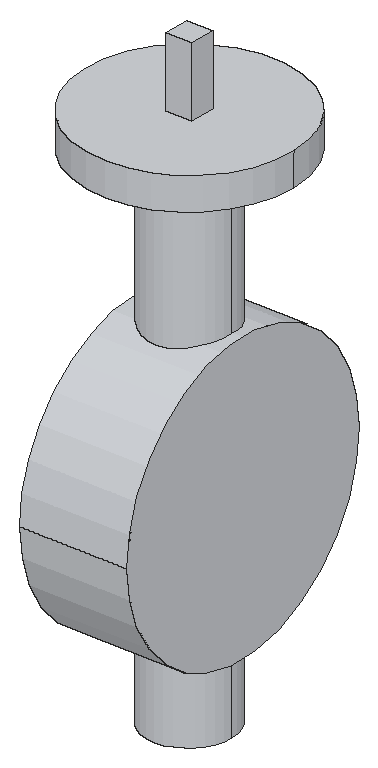
Revit family "HS497-67_disk-litina-volné vřeteno DN080-RFA_2018", category Pipe Accessories, Revit 2018
Family settings
  Round Connector Dimension = Use Diameter
  Part Type = Valve - Breaks Into
  Work Plane-Based = No
  Always vertical = Yes
  Cut with Voids When Loaded = No
  Shared = No
Parameters (values of type "HS 497-67_DN080_PN16_volné vřeteno")
  magiProductId = "9e85c75c18654e1185a9c48ed6b00e"
  magiProductFamilyId = "53cea81e6f374d17b8841d9c72ad77"
  magiPartTypeId = 305
  isMeasuringValve [instance] = no
  ang2D [instance] = 0.00°
  X11 = 61.456 mm
  X1 = 25.456 mm
  W2D = 1000 mm
  VersionID = "2.0/2017.9.26.1/ZETKAMA_497_001"
  Use Minimum Symbol Size [instance] = yes
  URL = "http://www.hydronic.cz"
  Type Comments = "mezipřírubová; litinový disk; PN16; -10~+110°C (krátkodobě +120°C)"
  SW30 = no
  SW3 = no
  SW21 = no
  SW20 = no
  SW2 = no
  SW1 = yes
  R = 40 mm
  QmdConnectorList = "301;D;302;D"
  Productdata [instance] = ""
  NC = 50 mm
  Model = ""
  Manufacturer = "Hydronic Systems Prague s.r.o."
  MM20 = 25.456 mm
  MC Product Code = "123 080 (litinový disk, s volným vřetenem; DN80; PN16, kvs258)"
  M41 = 66 mm
  M4 = 44 mm
  LHL = 220 mm
  LHH3 = 2.45 mm
  LHH1 = 46.55 mm
  LH1 = 73.333 mm
  L4R__ve = -L4R  # -12.8 mm
  L4R = 12.8 mm
  L42__ve = -L42  # -96 mm
  L42 = 96 mm
  L41__ve = -L41  # -19.2 mm
  L41 = 19.2 mm
  L2D_Min = 3048 mm
  L2D = 216 mm
  L2 = 23 mm
  L1 = 36.8 mm
  L = 46 mm
  H = 30 mm
  G22 = 11.25 mm
  G2 = 22.5 mm
  G1 = 90 mm
  G = 90 mm
  F = 11 mm
  E44 = 31.25 mm
  E42 = 62.5 mm
  E4 = 125 mm
  E23 = 4.9 mm
  E22 = 19.6 mm
  E21 = 9.8 mm
  Description = "Mezipřírubová uzavírací klapka s volným vřetenem; litinový disk, DN80; PN16; kvs258"
  DR2 = 40 mm
  DR = 124 mm
  DD1 = 15.625 mm
  DD = 12.5 mm
  D = 80 mm
  CAT0 = yes
  B2__ve = -B2  # -54 mm
  B2 = 54 mm
  A2 = 14.1 mm
  A1 = 86.9 mm
Types (43, lengths in mm): name | magiProductId | X11 | X1 | Type Comments | SW30 | SW3 | SW20 | SW2 | SW1 | R | NC | MM20 | MC Product Code | M41 | M4 | LHL | LHH3 | LHH1 | LH1 | L4R__ve | L4R | L42__ve | L42 | L41__ve | L41 | L2 | L1 | L | H | G | F | E44 | E42 | E4 | E23 | E22 | E21 | Description | DR2 | DR | DD1 | DD | D | B2__ve | B2 | A2 | A1
  HS 497-67_DN100_PN16_volné vřeteno | "65d1b245f4f142c78569c0602d5754" | 61.456 | 25.456 | "mezipřírubová; litinový disk; PN16; -10~+110°C (krátkodobě +120°C)" | no | no | no | no | yes | 50 | 50 | 25.456 | "123 100 (litinový disk, s volným vřetenem; DN100; PN16, kvs512)" | 66 | 44 | 220 | 2.45 | 46.55 | 73.333 | -12.8 | 12.8 | -96 | 96 | -19.2 | 19.2 | 26 | 41.6 | 52 | 30 | 90 | 11 | 31.25 | 62.5 | 125 | 4.9 | 19.6 | 9.8 | "Mezipřírubová uzavírací klapka s volným vřetenem; litinový disk, DN100; PN16; kvs512" | 50 | 147 | 15.625 | 12.5 | 100 | -56 | 56 | 16.5 | 98.5
  HS 497-67_DN100_PN16_převodové kolo | "11e91b807e674d428c8e796fcdcfe2" | 61.456 | 25.456 | "mezipřírubová; litinový disk; PN16; -10~+110°C (krátkodobě +120°C)" | yes | yes | no | no | no | 50 | 50 | 25.456 | "125 100 (litinový disk, s převodovým kolem; DN100; PN16, kvs512)" | 65.25 | 43.5 | 220 | 2.45 | 46.55 | 73.333 | -12.8 | 12.8 | -96 | 96 | -19.2 | 19.2 | 26 | 41.6 | 52 | 30 | 90 | 11 | 31.25 | 62.5 | 125 | 4.9 | 19.6 | 9.8 | "Mezipřírubová uzavírací klapka s převodovým kolem; litinový disk, DN100; PN16; kvs512" | 50 | 147 | 15.625 | 12.5 | 100 | -56 | 56 | 16.5 | 98.5
  HS 497-67_DN100_PN16_s pákou | "28172f0b3f4b47b28323ac71cf8749" | 61.456 | 25.456 | "mezipřírubová; litinový disk; PN16; -10~+110°C (krátkodobě +120°C)" | no | no | yes | yes | no | 50 | 50 | 25.456 | "120 100 (litinový disk, s pákou; DN100; PN16, kvs512)" | 66 | 44 | 260 | 3 | 57 | 86.667 | -12.8 | 12.8 | -96 | 96 | -19.2 | 19.2 | 26 | 41.6 | 52 | 30 | 90 | 11 | 31.25 | 62.5 | 125 | 6 | 24 | 12 | "Mezipřírubová uzavírací klapka s pákou; litinový disk, DN100; PN16; kvs512" | 50 | 147 | 15.625 | 12.5 | 100 | -56 | 56 | 16.5 | 98.5
  HS 497-67_DN125_PN16_volné vřeteno | "0d813d910fc14f628bb3c2efbd185c" | 61.456 | 25.456 | "mezipřírubová; litinový disk; PN16; -10~+110°C (krátkodobě +120°C)" | no | no | no | no | yes | 62.5 | 50 | 25.456 | "123 125 (litinový disk, s volným vřetenem; DN125; PN16, kvs872)" | 66 | 44 | 220 | 2.45 | 46.55 | 73.333 | -12.8 | 12.8 | -96 | 96 | -19.2 | 19.2 | 28 | 44.8 | 56 | 33 | 90 | 14 | 31.25 | 62.5 | 125 | 4.9 | 19.6 | 9.8 | "Mezipřírubová uzavírací klapka s volným vřetenem; litinový disk, DN125; PN16; kvs872" | 62.5 | 180 | 15.625 | 12.5 | 125 | -64 | 64 | 18 | 99.5
  HS 497-67_DN125_PN16_převodové kolo | "c56b7c13f372467684996fb1e0e229" | 61.456 | 25.456 | "mezipřírubová; litinový disk; PN16; -10~+110°C (krátkodobě +120°C)" | yes | yes | no | no | no | 62.5 | 50 | 25.456 | "125 125 (litinový disk, s převodovým kolem; DN125; PN16, kvs872)" | 65.25 | 43.5 | 220 | 2.45 | 46.55 | 73.333 | -13.5 | 13.5 | -101.25 | 101.25 | -20.25 | 20.25 | 28 | 44.8 | 56 | 33 | 90 | 14 | 40 | 80 | 160 | 4.9 | 19.6 | 9.8 | "Mezipřírubová uzavírací klapka s převodovým kolem; litinový disk, DN125; PN16; kvs872" | 62.5 | 180 | 20 | 16 | 125 | -64 | 64 | 18 | 99.5
  HS 497-67_DN125_PN16_s pákou | "105993c79a91492399feef7931321a" | 61.456 | 25.456 | "mezipřírubová; litinový disk; PN16; -10~+110°C (krátkodobě +120°C)" | no | no | yes | yes | no | 62.5 | 50 | 25.456 | "120 125 (litinový disk, s pákou; DN125; PN16, kvs872)" | 66 | 44 | 315 | 3.75 | 71.25 | 105 | -12.8 | 12.8 | -96 | 96 | -19.2 | 19.2 | 28 | 44.8 | 56 | 33 | 90 | 14 | 31.25 | 62.5 | 125 | 7.5 | 30 | 15 | "Mezipřírubová uzavírací klapka s pákou; litinový disk, DN125; PN16; kvs872" | 62.5 | 180 | 15.625 | 12.5 | 125 | -64 | 64 | 18 | 99.5
  HS 497-67_DN150_PN16_volné vřeteno | "50c80cb8ab434f55ab7796e5ac1331" | 61.456 | 25.456 | "mezipřírubová; litinový disk; PN16; -10~+110°C (krátkodobě +120°C)" | no | no | no | no | yes | 75 | 50 | 25.456 | "123 150 (litinový disk, s volným vřetenem; DN150; PN16, kvs1347)" | 66 | 44 | 220 | 2.45 | 46.55 | 73.333 | -12.8 | 12.8 | -96 | 96 | -19.2 | 19.2 | 28 | 44.8 | 56 | 33 | 90 | 14 | 31.25 | 62.5 | 125 | 4.9 | 19.6 | 9.8 | "Mezipřírubová uzavírací klapka s volným vřetenem; litinový disk, DN150; PN16; kvs1347" | 75 | 206 | 15.625 | 12.5 | 150 | -58 | 58 | 19.3 | 98.7
  HS 497-67_DN150_PN16_převodové kolo | "d94a1a0cf83b476eb10011b327f709" | 61.456 | 25.456 | "mezipřírubová; litinový disk; PN16; -10~+110°C (krátkodobě +120°C)" | yes | yes | no | no | no | 75 | 50 | 25.456 | "125 150 (litinový disk, s převodovým kolem; DN150; PN16, kvs1347)" | 65.25 | 43.5 | 220 | 2.45 | 46.55 | 73.333 | -13.5 | 13.5 | -101.25 | 101.25 | -20.25 | 20.25 | 28 | 44.8 | 56 | 33 | 90 | 14 | 40 | 80 | 160 | 4.9 | 19.6 | 9.8 | "Mezipřírubová uzavírací klapka s převodovým kolem; litinový disk, DN150; PN16; kvs1347" | 75 | 206 | 20 | 16 | 150 | -58 | 58 | 19.3 | 98.7
  HS 497-67_DN150_PN16_s pákou | "4d2835523fe84828bc50ff0a5a0dfb" | 61.456 | 25.456 | "mezipřírubová; litinový disk; PN16; -10~+110°C (krátkodobě +120°C)" | no | no | yes | yes | no | 75 | 50 | 25.456 | "120 150 (litinový disk, s pákou; DN150; PN16, kvs1347)" | 66 | 44 | 315 | 3.75 | 71.25 | 105 | -12.8 | 12.8 | -96 | 96 | -19.2 | 19.2 | 28 | 44.8 | 56 | 33 | 90 | 14 | 31.25 | 62.5 | 125 | 7.5 | 30 | 15 | "Mezipřírubová uzavírací klapka s pákou; litinový disk, DN150; PN16; kvs1347" | 75 | 206 | 15.625 | 12.5 | 150 | -58 | 58 | 19.3 | 98.7
  HS 497-67_DN200_PN16_volné vřeteno | "5b29029eaeba47139ee1055a4b9201" | 61.456 | 25.456 | "mezipřírubová; litinový disk; PN16; -10~+110°C (krátkodobě +120°C)" | no | no | no | no | yes | 100 | 50 | 25.456 | "123 200 (litinový disk, s volným vřetenem; DN200; PN16, kvs2675)" | 66 | 44 | 220 | 2.45 | 46.55 | 73.333 | -12.8 | 12.8 | -96 | 96 | -19.2 | 19.2 | 30 | 48 | 60 | 33 | 90 | 17 | 31.25 | 62.5 | 125 | 4.9 | 19.6 | 9.8 | "Mezipřírubová uzavírací klapka s volným vřetenem; litinový disk, DN200; PN16; kvs2675" | 100 | 257 | 15.625 | 12.5 | 200 | -70 | 70 | 22.5 | 102.5
  HS 497-67_DN200_PN16_převodové kolo | "b2793cc1fcc44cf2a35062cd67c04f" | 61.456 | 25.456 | "mezipřírubová; litinový disk; PN16; -10~+110°C (krátkodobě +120°C)" | yes | yes | no | no | no | 100 | 57 | 25.456 | "125 200 (litinový disk, s převodovým kolem; DN200; PN16, kvs2675)" | 78.75 | 52.5 | 220 | 2.45 | 46.55 | 73.333 | -15.2 | 15.2 | -114 | 114 | -22.8 | 22.8 | 30 | 48 | 60 | 33 | 90 | 17 | 50 | 100 | 200 | 4.9 | 19.6 | 9.8 | "Mezipřírubová uzavírací klapka s převodovým kolem; litinový disk, DN200; PN16; kvs2675" | 100 | 257 | 25 | 20 | 200 | -70 | 70 | 22.5 | 102.5
  HS 497-67_DN200_PN16_s pákou | "f88d96c7af224537a51e72d7d8fffe" | 61.456 | 25.456 | "mezipřírubová; litinový disk; PN16; -10~+110°C (krátkodobě +120°C)" | no | no | yes | yes | no | 100 | 50 | 25.456 | "120 200 (litinový disk, s pákou; DN200; PN16, kvs2675)" | 66 | 44 | 315 | 3.75 | 71.25 | 105 | -12.8 | 12.8 | -96 | 96 | -19.2 | 19.2 | 30 | 48 | 60 | 33 | 90 | 17 | 31.25 | 62.5 | 125 | 7.5 | 30 | 15 | "Mezipřírubová uzavírací klapka s pákou; litinový disk, DN200; PN16; kvs2675" | 100 | 257 | 15.625 | 12.5 | 200 | -70 | 70 | 22.5 | 102.5
  HS 497-67_DN250_PN16_volné vřeteno | "b662e8305ca2402b9c510e66e6aa55" | 88.77 | 36.77 | "mezipřírubová; litinový disk; PN16; -10~+110°C (krátkodobě +120°C)" | no | no | no | no | yes | 125 | 50 | 36.77 | "123 250 (litinový disk, s volným vřetenem; DN250; PN16, kvs4555)" | 66 | 44 | 220 | 2.45 | 46.55 | 73.333 | -12.8 | 12.8 | -96 | 96 | -19.2 | 19.2 | 34 | 54.4 | 68 | 23 | 130 | 22 | 31.25 | 62.5 | 125 | 4.9 | 19.6 | 9.8 | "Mezipřírubová uzavírací klapka s volným vřetenem; litinový disk, DN250; PN16; kvs4555" | 125 | 324 | 15.625 | 12.5 | 250 | -85 | 85 | 28.25 | 129.25
  HS 497-67_DN250_PN16_převodové kolo | "5ee9016806664ddfaa2632711f295c" | 88.77 | 36.77 | "mezipřírubová; litinový disk; PN16; -10~+110°C (krátkodobě +120°C)" | yes | yes | no | no | no | 125 | 70 | 36.77 | "125 250 (litinový disk, s převodovým kolem; DN250; PN16, kvs4555)" | 91.5 | 61 | 220 | 2.45 | 46.55 | 73.333 | -22.2 | 22.2 | -166.5 | 166.5 | -33.3 | 33.3 | 34 | 54.4 | 68 | 23 | 130 | 22 | 62.5 | 125 | 250 | 4.9 | 19.6 | 9.8 | "Mezipřírubová uzavírací klapka s převodovým kolem; litinový disk, DN250; PN16; kvs4555" | 125 | 324 | 31.25 | 25 | 250 | -85 | 85 | 28.25 | 129.25
  HS 497-67_DN300_PN16_volné vřeteno | "e1886f51ff004380a649519258edf2" | 88.77 | 36.77 | "mezipřírubová; litinový disk; PN16; -10~+110°C (krátkodobě +120°C)" | no | no | no | no | yes | 150 | 50 | 36.77 | "123 300 (litinový disk, s volným vřetenem; DN300; PN16, kvs7037)" | 66 | 44 | 220 | 2.45 | 46.55 | 73.333 | -12.8 | 12.8 | -96 | 96 | -19.2 | 19.2 | 39 | 62.4 | 78 | 23 | 130 | 22 | 31.25 | 62.5 | 125 | 4.9 | 19.6 | 9.8 | "Mezipřírubová uzavírací klapka s volným vřetenem; litinový disk, DN300; PN16; kvs7037" | 150 | 376 | 15.625 | 12.5 | 300 | -90 | 90 | 30.8 | 127.2
  HS 497-67_DN300_PN16_převodové kolo | "6860f094f77d42088fbebc3c97f755" | 88.77 | 36.77 | "mezipřírubová; litinový disk; PN16; -10~+110°C (krátkodobě +120°C)" | yes | yes | no | no | no | 150 | 70 | 36.77 | "125 300 (litinový disk, s převodovým kolem; DN300; PN16, kvs7037)" | 91.5 | 61 | 220 | 2.45 | 46.55 | 73.333 | -22.2 | 22.2 | -166.5 | 166.5 | -33.3 | 33.3 | 39 | 62.4 | 78 | 23 | 130 | 22 | 62.5 | 125 | 250 | 4.9 | 19.6 | 9.8 | "Mezipřírubová uzavírací klapka s převodovým kolem; litinový disk, DN300; PN16; kvs7037" | 150 | 376 | 31.25 | 25 | 300 | -90 | 90 | 30.8 | 127.2
  HS 497-67_DN032_PN16_volné vřeteno | "8c5f65de52aa4067a77564107e31b2" | 61.456 | 25.456 | "mezipřírubová; litinový disk; PN16; -10~+110°C (krátkodobě +120°C)" | no | no | no | no | yes | 16 | 50 | 25.456 | "123 032 (litinový disk, s volným vřetenem; DN32; PN16, kvs78)" | 66 | 44 | 220 | 2.45 | 46.55 | 73.333 | -12.8 | 12.8 | -96 | 96 | -19.2 | 19.2 | 16.5 | 26.4 | 33 | 30 | 90 | 11 | 31.25 | 62.5 | 125 | 4.9 | 19.6 | 9.8 | "Mezipřírubová uzavírací klapka s volným vřetenem; litinový disk, DN32; PN16; kvs78" | 16 | 68 | 15.625 | 12.5 | 32 | -44.2 | 44.2 | 10.25 | 76.25
  HS 497-67_DN032_PN16_převodové kolo | "60aaeffa8b3a4e809ef000e4660060" | 61.456 | 25.456 | "mezipřírubová; litinový disk; PN16; -10~+110°C (krátkodobě +120°C)" | yes | yes | no | no | no | 16 | 50 | 25.456 | "125 032 (litinový disk, s převodovým kolem; DN32; PN16, kvs78)" | 65.25 | 43.5 | 220 | 2.45 | 46.55 | 73.333 | -12.8 | 12.8 | -96 | 96 | -19.2 | 19.2 | 16.5 | 26.4 | 33 | 30 | 90 | 11 | 31.25 | 62.5 | 125 | 4.9 | 19.6 | 9.8 | "Mezipřírubová uzavírací klapka s převodovým kolem; litinový disk, DN32; PN16; kvs78" | 16 | 68 | 15.625 | 12.5 | 32 | -44.2 | 44.2 | 10.25 | 76.25
  HS 497-67_DN032_PN16_s pákou | "9ad8088d610749a1b871aa2aad8007" | 61.456 | 25.456 | "mezipřírubová; litinový disk; PN16; -10~+110°C (krátkodobě +120°C)" | no | no | yes | yes | no | 16 | 50 | 25.456 | "120 032 (litinový disk, s pákou; DN32; PN16, kvs78)" | 66 | 44 | 220 | 2.45 | 46.55 | 73.333 | -12.8 | 12.8 | -96 | 96 | -19.2 | 19.2 | 16.5 | 26.4 | 33 | 30 | 90 | 11 | 31.25 | 62.5 | 125 | 4.9 | 19.6 | 9.8 | "Mezipřírubová uzavírací klapka s pákou; litinový disk, DN32; PN16; kvs78" | 16 | 68 | 15.625 | 12.5 | 32 | -44.2 | 44.2 | 10.25 | 76.25
  HS 497-67_DN350_PN10_volné vřeteno | "72a1e05f22944421b7e9596a877137" | 109.255 | 45.255 | "mezipřírubová; litinový disk; PN10; -10~+110°C (krátkodobě +120°C)" | no | no | no | no | yes | 175 | 50 | 45.255 | "123 350 (litinový disk, s volným vřetenem; DN350; PN10, kvs10165)" | 66 | 44 | 220 | 2.45 | 46.55 | 73.333 | -12.8 | 12.8 | -96 | 96 | -19.2 | 19.2 | 39 | 62.4 | 78 | 31 | 160 | 22 | 31.25 | 62.5 | 125 | 4.9 | 19.6 | 9.8 | "Mezipřírubová uzavírací klapka s volným vřetenem; litinový disk, DN350; PN10; kvs10165" | 175 | 430 | 15.625 | 12.5 | 350 | -88 | 88 | 33.85 | 129.65
  HS 497-67_DN350_PN10_převodové kolo | "a5a01426cb28494ba3afca92f1dace" | 109.255 | 45.255 | "mezipřírubová; litinový disk; PN10; -10~+110°C (krátkodobě +120°C)" | yes | yes | no | no | no | 175 | 70 | 45.255 | "125 350 (litinový disk, s převodovým kolem; DN350; PN10, kvs10165)" | 91.5 | 61 | 220 | 2.45 | 46.55 | 73.333 | -22.2 | 22.2 | -166.5 | 166.5 | -33.3 | 33.3 | 39 | 62.4 | 78 | 31 | 160 | 22 | 62.5 | 125 | 250 | 4.9 | 19.6 | 9.8 | "Mezipřírubová uzavírací klapka s převodovým kolem; litinový disk, DN350; PN10; kvs10165" | 175 | 430 | 31.25 | 25 | 350 | -88 | 88 | 33.85 | 129.65
  HS 497-67_DN400_PN10_volné vřeteno | "c70ebeb927c04ab99b176e257ad0a7" | 109.255 | 45.255 | "mezipřírubová; litinový disk; PN10; -10~+110°C (krátkodobě +120°C)" | no | no | no | no | yes | 200 | 50 | 45.255 | "123 400 (litinový disk, s volným vřetenem; DN400; PN10, kvs13799)" | 66 | 44 | 220 | 2.45 | 46.55 | 73.333 | -12.8 | 12.8 | -96 | 96 | -19.2 | 19.2 | 51 | 81.6 | 102 | 31 | 160 | 27 | 31.25 | 62.5 | 125 | 4.9 | 19.6 | 9.8 | "Mezipřírubová uzavírací klapka s volným vřetenem; litinový disk, DN400; PN10; kvs13799" | 200 | 485 | 15.625 | 12.5 | 400 | -108 | 108 | 38 | 142
  HS 497-67_DN400_PN10_převodové kolo | "cc64a4384dcb41b780d81810f4f293" | 109.255 | 45.255 | "mezipřírubová; litinový disk; PN10; -10~+110°C (krátkodobě +120°C)" | yes | yes | no | no | no | 200 | 72.5 | 45.255 | "125 400 (litinový disk, s převodovým kolem; DN400; PN10, kvs13799)" | 103.5 | 69 | 220 | 2.45 | 46.55 | 73.333 | -27.8 | 27.8 | -208.5 | 208.5 | -41.7 | 41.7 | 51 | 81.6 | 102 | 31 | 160 | 27 | 75 | 150 | 300 | 4.9 | 19.6 | 9.8 | "Mezipřírubová uzavírací klapka s převodovým kolem; litinový disk, DN400; PN10; kvs13799" | 200 | 485 | 37.5 | 30 | 400 | -108 | 108 | 38 | 142
  HS 497-67_DN040_PN16_volné vřeteno | "35f92312390745e88df5b5c325d9ee" | 61.456 | 25.456 | "mezipřírubová; litinový disk; PN16; -10~+110°C (krátkodobě +120°C)" | no | no | no | no | yes | 20 | 50 | 25.456 | "123 040 (litinový disk, s volným vřetenem; DN40; PN16, kvs78)" | 66 | 44 | 220 | 2.45 | 46.55 | 73.333 | -12.8 | 12.8 | -96 | 96 | -19.2 | 19.2 | 16.5 | 26.4 | 33 | 30 | 90 | 11 | 31.25 | 62.5 | 125 | 4.9 | 19.6 | 9.8 | "Mezipřírubová uzavírací klapka s volným vřetenem; litinový disk, DN40; PN16; kvs78" | 20 | 76 | 15.625 | 12.5 | 40 | -36 | 36 | 11 | 79
  HS 497-67_DN040_PN16_převodové kolo | "d88e968eae3445bc9b7b4e6ff35127" | 61.456 | 25.456 | "mezipřírubová; litinový disk; PN16; -10~+110°C (krátkodobě +120°C)" | yes | yes | no | no | no | 20 | 50 | 25.456 | "125 040 (litinový disk, s převodovým kolem; DN40; PN16, kvs78)" | 65.25 | 43.5 | 220 | 2.45 | 46.55 | 73.333 | -12.8 | 12.8 | -96 | 96 | -19.2 | 19.2 | 16.5 | 26.4 | 33 | 30 | 90 | 11 | 31.25 | 62.5 | 125 | 4.9 | 19.6 | 9.8 | "Mezipřírubová uzavírací klapka s převodovým kolem; litinový disk, DN40; PN16; kvs78" | 20 | 76 | 15.625 | 12.5 | 40 | -36 | 36 | 11 | 79
  HS 497-67_DN040_PN16_s pákou | "c1b522ca65b4407a98818f232eaacb" | 61.456 | 25.456 | "mezipřírubová; litinový disk; PN16; -10~+110°C (krátkodobě +120°C)" | no | no | yes | yes | no | 20 | 50 | 25.456 | "120 040 (litinový disk, s pákou; DN40; PN16, kvs78)" | 66 | 44 | 220 | 2.45 | 46.55 | 73.333 | -12.8 | 12.8 | -96 | 96 | -19.2 | 19.2 | 16.5 | 26.4 | 33 | 30 | 90 | 11 | 31.25 | 62.5 | 125 | 4.9 | 19.6 | 9.8 | "Mezipřírubová uzavírací klapka s pákou; litinový disk, DN40; PN16; kvs78" | 20 | 76 | 15.625 | 12.5 | 40 | -36 | 36 | 11 | 79
  HS 497-67_DN450_PN10_volné vřeteno | "a8358bc282f14872b3194e530e590a" | 129.74 | 53.74 | "mezipřírubová; litinový disk; PN10; -10~+110°C (krátkodobě +120°C)" | no | no | no | no | yes | 225 | 50 | 53.74 | "123 450 (litinový disk, s volným vřetenem; DN450; PN10, kvs18514)" | 66 | 44 | 220 | 2.45 | 46.55 | 73.333 | -12.8 | 12.8 | -96 | 96 | -19.2 | 19.2 | 57 | 91.2 | 114 | 38 | 190 | 36 | 31.25 | 62.5 | 125 | 4.9 | 19.6 | 9.8 | "Mezipřírubová uzavírací klapka s volným vřetenem; litinový disk, DN450; PN10; kvs18514" | 225 | 536 | 15.625 | 12.5 | 450 | -115 | 115 | 38.05 | 117.45
  HS 497-67_DN450_PN10_převodové kolo | "cdf2d80f54a9414f9cbe50647c0ebd" | 129.74 | 53.74 | "mezipřírubová; litinový disk; PN10; -10~+110°C (krátkodobě +120°C)" | yes | yes | no | no | no | 225 | 91.5 | 53.74 | "125 450 (litinový disk, s převodovým kolem; DN450; PN10, kvs18514)" | 144.75 | 96.5 | 220 | 2.45 | 46.55 | 73.333 | -32.1 | 32.1 | -240.75 | 240.75 | -48.15 | 48.15 | 57 | 91.2 | 114 | 38 | 190 | 36 | 100 | 200 | 400 | 4.9 | 19.6 | 9.8 | "Mezipřírubová uzavírací klapka s převodovým kolem; litinový disk, DN450; PN10; kvs18514" | 225 | 536 | 50 | 40 | 450 | -115 | 115 | 38.05 | 117.45
  HS 497-67_DN500_PN10_volné vřeteno | "8c396e27bb2743f98f3c762b6517cd" | 143.397 | 59.397 | "mezipřírubová; litinový disk; PN10; -10~+110°C (krátkodobě +120°C)" | no | no | no | no | yes | 250 | 50 | 59.397 | "123 500 (litinový disk, s volným vřetenem; DN500; PN10, kvs23805)" | 66 | 44 | 220 | 2.45 | 46.55 | 73.333 | -12.8 | 12.8 | -96 | 96 | -19.2 | 19.2 | 63.5 | 101.6 | 127 | 38 | 210 | 36 | 31.25 | 62.5 | 125 | 4.9 | 19.6 | 9.8 | "Mezipřírubová uzavírací klapka s volným vřetenem; litinový disk, DN500; PN10; kvs23805" | 250 | 593 | 15.625 | 12.5 | 500 | -130 | 130 | 43.25 | 139.25
  HS 497-67_DN500_PN10_převodové kolo | "7647804f32e94cef828a7034a91a46" | 143.397 | 59.397 | "mezipřírubová; litinový disk; PN10; -10~+110°C (krátkodobě +120°C)" | yes | yes | no | no | no | 250 | 91.5 | 59.397 | "125 500 (litinový disk, s převodovým kolem; DN500; PN10, kvs23805)" | 144.75 | 96.5 | 220 | 2.45 | 46.55 | 73.333 | -32.1 | 32.1 | -240.75 | 240.75 | -48.15 | 48.15 | 63.5 | 101.6 | 127 | 38 | 210 | 36 | 100 | 200 | 400 | 4.9 | 19.6 | 9.8 | "Mezipřírubová uzavírací klapka s převodovým kolem; litinový disk, DN500; PN10; kvs23805" | 250 | 593 | 50 | 40 | 500 | -130 | 130 | 43.25 | 139.25
  HS 497-67_DN050_volné vřeteno | "d71f296ecd6d4adf8f6e5d9853b4e0" | 61.456 | 25.456 | "mezipřírubová; litinový disk; PN16; -10~+110°C (krátkodobě +120°C)" | no | no | no | no | yes | 25 | 50 | 25.456 | "123 050 (litinový disk, s volným vřetenem; DN50; PN16, kvs98)" | 66 | 44 | 220 | 2.45 | 46.55 | 73.333 | -12.8 | 12.8 | -96 | 96 | -19.2 | 19.2 | 21.5 | 34.4 | 43 | 30 | 90 | 11 | 31.25 | 62.5 | 125 | 4.9 | 19.6 | 9.8 | "Mezipřírubová uzavírací klapka s volným vřetenem; litinový disk, DN50; PN16; kvs98" | 25 | 100 | 15.625 | 12.5 | 50 | -36.5 | 36.5 | 12 | 83
  HS 497-67_DN050_PN16_převodové kolo | "2fb080deeaed49c58418b94c1da5a4" | 61.456 | 25.456 | "mezipřírubová; litinový disk; PN16; -10~+110°C (krátkodobě +120°C)" | yes | yes | no | no | no | 25 | 50 | 25.456 | "125 050 (litinový disk, s převodovým kolem; DN50; PN16, kvs98)" | 65.25 | 43.5 | 220 | 2.45 | 46.55 | 73.333 | -12.8 | 12.8 | -96 | 96 | -19.2 | 19.2 | 21.5 | 34.4 | 43 | 30 | 90 | 11 | 31.25 | 62.5 | 125 | 4.9 | 19.6 | 9.8 | "Mezipřírubová uzavírací klapka s převodovým kolem; litinový disk, DN50; PN16; kvs98" | 25 | 100 | 15.625 | 12.5 | 50 | -36.5 | 36.5 | 12 | 83
  HS 497-67_DN050_PN16_s pákou | "dabc632061f94877a994b9b4e68112" | 61.456 | 25.456 | "mezipřírubová; litinový disk; PN16; -10~+110°C (krátkodobě +120°C)" | no | no | yes | yes | no | 25 | 50 | 25.456 | "120 050 (litinový disk, s pákou; DN50; PN16, kvs98)" | 66 | 44 | 220 | 2.45 | 46.55 | 73.333 | -12.8 | 12.8 | -96 | 96 | -19.2 | 19.2 | 21.5 | 34.4 | 43 | 30 | 90 | 11 | 31.25 | 62.5 | 125 | 4.9 | 19.6 | 9.8 | "Mezipřírubová uzavírací klapka s pákou; litinový disk, DN50; PN16; kvs98" | 25 | 100 | 15.625 | 12.5 | 50 | -36.5 | 36.5 | 12 | 83
  HS 497-67_DN600_PN10_volné vřeteno | "99d5892c14664fce81a7c5903f7711" | 143.397 | 59.397 | "mezipřírubová; litinový disk; PN10; -10~+110°C (krátkodobě +120°C)" | no | no | no | no | yes | 300 | 50 | 59.397 | "123 600 (litinový disk, s volným vřetenem; DN600; PN10, kvs36778)" | 66 | 44 | 220 | 2.45 | 46.55 | 73.333 | -12.8 | 12.8 | -96 | 96 | -19.2 | 19.2 | 77 | 123.2 | 154 | 80 | 210 | 60 | 31.25 | 62.5 | 125 | 4.9 | 19.6 | 9.8 | "Mezipřírubová uzavírací klapka s volným vřetenem; litinový disk, DN600; PN10; kvs36788" | 300 | 690 | 15.625 | 12.5 | 600 | -140 | 140 | 49.4 | 144.6
  HS 497-67_DN600_PN10_převodové kolo | "b1e26faab48a4c499f6bb11e7e3002" | 143.397 | 59.397 | "mezipřírubová; litinový disk; PN10; -10~+110°C (krátkodobě +120°C)" | yes | yes | no | no | no | 300 | 140 | 59.397 | "125 600 (litinový disk, s převodovým kolem; DN600; PN10, kvs36778)" | 206.25 | 137.5 | 220 | 2.45 | 46.55 | 73.333 | -40.8 | 40.8 | -306 | 306 | -61.2 | 61.2 | 77 | 123.2 | 154 | 80 | 210 | 60 | 125 | 250 | 500 | 4.9 | 19.6 | 9.8 | "Mezipřírubová uzavírací klapka s převodovým kolem; litinový disk, DN600; PN10; kvs36788" | 300 | 690 | 62.5 | 50 | 600 | -140 | 140 | 49.4 | 144.6
  HS 497-67_DN065_PN16_volné vřeteno | "5e5e208646e34ec29f889baab5d08e" | 61.456 | 25.456 | "mezipřírubová; litinový disk; PN16; -10~+110°C (krátkodobě +120°C)" | no | no | no | no | yes | 32.5 | 50 | 25.456 | "123 065 (litinový disk, s volným vřetenem; DN65; PN16, kvs167)" | 66 | 44 | 220 | 2.45 | 46.55 | 73.333 | -12.8 | 12.8 | -96 | 96 | -19.2 | 19.2 | 23 | 36.8 | 46 | 30 | 90 | 11 | 31.25 | 62.5 | 125 | 4.9 | 19.6 | 9.8 | "Mezipřírubová uzavírací klapka s volným vřetenem; litinový disk, DN65; PN16; kv167" | 32.5 | 108 | 15.625 | 12.5 | 65 | -36.5 | 36.5 | 13.5 | 89
  HS 497-67_DN065_PN16_převodové kolo | "654d74c8d15540b0bfe523d988ccb3" | 61.456 | 25.456 | "mezipřírubová; litinový disk; PN16; -10~+110°C (krátkodobě +120°C)" | yes | yes | no | no | no | 32.5 | 50 | 25.456 | "125 065 (litinový disk, s převodovým kolem; DN65; PN16, kvs167)" | 65.25 | 43.5 | 220 | 2.45 | 46.55 | 73.333 | -12.8 | 12.8 | -96 | 96 | -19.2 | 19.2 | 23 | 36.8 | 46 | 30 | 90 | 11 | 31.25 | 62.5 | 125 | 4.9 | 19.6 | 9.8 | "Mezipřírubová uzavírací klapka s převodovým kolem; litinový disk, DN65; PN16; kvs167" | 32.5 | 108 | 15.625 | 12.5 | 65 | -36.5 | 36.5 | 13.5 | 89
  HS 497-67_DN065_PN16_s pákou | "ebeb4b59db0641caaf6d6635ab37b9" | 61.456 | 25.456 | "mezipřírubová; litinový disk; PN16; -10~+110°C (krátkodobě +120°C)" | no | no | yes | yes | no | 32.5 | 50 | 25.456 | "120 065 (litinový disk, s pákou; DN65; PN16, kvs167)" | 66 | 44 | 220 | 2.45 | 46.55 | 73.333 | -12.8 | 12.8 | -96 | 96 | -19.2 | 19.2 | 23 | 36.8 | 46 | 30 | 90 | 11 | 31.25 | 62.5 | 125 | 4.9 | 19.6 | 9.8 | "Mezipřírubová uzavírací klapka s pákou; litinový disk, DN65; PN16; kvs167" | 32.5 | 108 | 15.625 | 12.5 | 65 | -36.5 | 36.5 | 13.5 | 89
  HS 497-67_DN080_PN16_volné vřeteno | "9e85c75c18654e1185a9c48ed6b00e" | 61.456 | 25.456 | "mezipřírubová; litinový disk; PN16; -10~+110°C (krátkodobě +120°C)" | no | no | no | no | yes | 40 | 50 | 25.456 | "123 080 (litinový disk, s volným vřetenem; DN80; PN16, kvs258)" | 66 | 44 | 220 | 2.45 | 46.55 | 73.333 | -12.8 | 12.8 | -96 | 96 | -19.2 | 19.2 | 23 | 36.8 | 46 | 30 | 90 | 11 | 31.25 | 62.5 | 125 | 4.9 | 19.6 | 9.8 | "Mezipřírubová uzavírací klapka s volným vřetenem; litinový disk, DN80; PN16; kvs258" | 40 | 124 | 15.625 | 12.5 | 80 | -54 | 54 | 14.1 | 86.9
  HS 497-67_DN080_PN16_převodové kolo | "5b3c8238c3d041e68c75b199e7ea46" | 61.456 | 25.456 | "mezipřírubová; litinový disk; PN16; -10~+110°C (krátkodobě +120°C)" | yes | yes | no | no | no | 40 | 50 | 25.456 | "125 080 (litinový disk, s převodovým kolem; DN80; PN16, kvs258)" | 65.25 | 43.5 | 220 | 2.45 | 46.55 | 73.333 | -12.8 | 12.8 | -96 | 96 | -19.2 | 19.2 | 23 | 36.8 | 46 | 30 | 90 | 11 | 31.25 | 62.5 | 125 | 4.9 | 19.6 | 9.8 | "Mezipřírubová uzavírací klapka s převodovým kolem; litinový disk, DN80; PN16; kvs258" | 40 | 124 | 15.625 | 12.5 | 80 | -54 | 54 | 14.1 | 86.9
  HS 497-67_DN080_PN16_s pákou | "e414795fab0f4eccb99bc3572c5477" | 61.456 | 25.456 | "mezipřírubová; litinový disk; PN16; -10~+110°C (krátkodobě +120°C)" | no | no | yes | yes | no | 40 | 50 | 25.456 | "120 080 (litinový disk, s pákou; DN80; PN16, kvs258)" | 66 | 44 | 260 | 3 | 57 | 86.667 | -12.8 | 12.8 | -96 | 96 | -19.2 | 19.2 | 23 | 36.8 | 46 | 30 | 90 | 11 | 31.25 | 62.5 | 125 | 6 | 24 | 12 | "Mezipřírubová uzavírací klapka s pákou; litinový disk, DN80; PN16; kvs258" | 40 | 124 | 15.625 | 12.5 | 80 | -54 | 54 | 14.1 | 86.9
  HS 497-67_DN250_PN16_s pákou | "" | 88.77 | 36.77 | "mezipřírubová; litinový disk; PN16; -10~+110°C (krátkodobě +120°C)" | no | no | yes | yes | no | 125 | 70 | 36.77 | "120 250 (litinový disk, s pákou; DN250; PN16, kvs4555)" | 91.5 | 61 | 220 | 2.45 | 46.55 | 73.333 | -22.2 | 22.2 | -166.5 | 166.5 | -33.3 | 33.3 | 34 | 54.4 | 68 | 23 | 130 | 22 | 62.5 | 125 | 250 | 4.9 | 19.6 | 9.8 | "Mezipřírubová uzavírací klapka s pákou; litinový disk, DN250; PN16; kvs4555" | 125 | 324 | 31.25 | 25 | 250 | -85 | 85 | 28.25 | 129.25
  HS 497-67_DN300_PN16_s pákou | "" | 88.77 | 36.77 | "mezipřírubová; litinový disk; PN16; -10~+110°C (krátkodobě +120°C)" | no | no | yes | yes | no | 150 | 70 | 36.77 | "120 300 (litinový disk, s pákou; DN300; PN16, kvs7037)" | 91.5 | 61 | 220 | 2.45 | 46.55 | 73.333 | -22.2 | 22.2 | -166.5 | 166.5 | -33.3 | 33.3 | 39 | 62.4 | 78 | 23 | 130 | 22 | 62.5 | 125 | 250 | 4.9 | 19.6 | 9.8 | "Mezipřírubová uzavírací klapka s pákou; litinový disk, DN300; PN16; kvs7037" | 150 | 376 | 31.25 | 25 | 300 | -90 | 90 | 30.8 | 127.2
Reference planes
  plane 1 "Center (Front/Back)": y = 0
  plane 2 "XYPLANE": z = 0
  plane 3 "Center (Left/Right)": x = 0
  plane 4 "473": x = -25.456
  plane 5 "472": x = -66
  plane 6 "471": y = -25.456
  plane 7 "470": y = 25.456
  plane 8 "469": x = -44
  plane 9 "468": y = -115.2
  plane 10 "467": y = -96
  plane 11 "466": z = 172.25
  plane 12 "465": z = 187.55
  plane 13 "464": y = 145.417
  plane 14 "463": z = 177.75
  plane 15 "462": z = 160.6
  plane 16 "461": z = 170.4
  plane 17 "460": y = 72.083
  plane 18 "459": x = -11.25
  plane 19 "458": x = 11.25
  plane 20 "457": y = -6.25
  plane 21 "456": x = -17.5
  plane 22 "455": x = 17.5
  plane 23 "454": z = 175.3
  plane 24 "453": y = 62.083
  plane 25 "452": y = -11.25
  plane 26 "451": x = -22.5
  plane 27 "450": x = 22.5
  plane 28 "449": z = 155.7
  plane 29 "448": z = 150.8
  plane 30 "447": z = -40
  plane 31 "446": z = 141
  plane 32 "445": z = 126.9
  plane 33 "444": z = 40
  plane 34 "443": x = 23
  plane 35 "442": x = -23
  plane 36 "441": z = 0
  plane 37 "440": y = 0
  plane 38 "439": x = 0
  plane 39 "438": z = 190
  plane 40 "437": z = 175.3
  plane 41 "436": x = 13.7
  plane 42 "435": x = -13.7
  plane 43 "434": y = 220
Forms (mm)
  Extrusion 1, solid, visible <- "SW3"
    sketch origin (-750, 0, 141) x (1, 0, 0) y (0, 1, 0)
      loop
        line (684, 25.456) -> (684, -25.456) -> (724.544, -25.456)
        arc (724.544, -25.456) -> (786, 0) -> (724.544, 25.456) r 36
        line (724.544, 25.456) -> (684, 25.456)
    from 0 to 62.5 <- "E42"
  Extrusion 2, solid, visible <- "SW30"
    sketch origin (0, -750, 0) x (0, 1, 0) y (0, 0, 1)
      loop
        circle (750, 172.25) r 7.813
    from 0 to 50 <- "NC"
  Extrusion 3, solid, visible <- "SW30"
    sketch origin (750, -115.2, 0) x (-1, 0, 0) y (0, 0, 1)
      loop
        circle (794, 172.25) r 62.5
    from 0 to -12.8 <- "L4R__ve"
  Extrusion 4, solid, visible <- "SW3"
    sketch origin (750, -96, 0) x (-1, 0, 0) y (0, 0, 1)
      loop
        circle (794, 172.25) r 7.813
    from 0 to -19.2 <- "L41__ve"
  Extrusion 5, solid, visible <- "SW30"
    sketch origin (750, 0, 0) x (-1, 0, 0) y (0, 0, 1)
      loop
        circle (794, 172.25) r 6.25
    from 0 to -96 <- "L42__ve"
  Blend 6, solid, visible <- "SW21"
    base sketch origin (750, 72.083, 0) x (-1, 0, 0) y (0, 0, 1)
      loop
        line (761.25, 170.4) -> (738.75, 170.4) -> (738.75, 160.6) -> (761.25, 160.6) -> (761.25, 170.4)
    top sketch origin (750, 72.083, 0) x (-1, 0, 0) y (0, 0, 1)
      loop
        line (761.25, 187.55) -> (738.75, 187.55) -> (738.75, 177.75) -> (761.25, 177.75) -> (761.25, 187.55)
    from 0 to 73.333
  Blend 7, solid, visible <- "SW21"
    base sketch origin (750, 62.083, 0) x (-1, 0, 0) y (0, 0, 1)
      loop
        line (761.25, 175.3) -> (738.75, 175.3) -> (738.75, 155.7) -> (761.25, 155.7) -> (761.25, 175.3)
    top sketch origin (750, 62.083, 0) x (-1, 0, 0) y (0, 0, 1)
      loop
        line (761.25, 170.4) -> (738.75, 170.4) -> (738.75, 160.6) -> (761.25, 160.6) -> (761.25, 170.4)
    from 0 to 10
  Blend 8, solid, visible <- "SW21"
    base sketch origin (-750, 0, 155.7) x (1, 0, 0) y (0, 1, 0)
      loop
        line (772.5, 62.083) -> (727.5, 62.083) -> (727.5, -11.25)
        arc (727.5, -11.25) -> (750, -31.25) -> (772.5, -11.25) r 22.656
        line (772.5, -11.25) -> (772.5, 62.083)
    top sketch origin (-750, 0, 155.7) x (1, 0, 0) y (0, 1, 0)
      loop
        line (767.5, 62.083) -> (732.5, 62.083) -> (732.5, -6.25)
        arc (732.5, -6.25) -> (750, -26.25) -> (767.5, -6.25) r 17.656
        line (767.5, -6.25) -> (767.5, 62.083)
    from 0 to 19.6
  Extrusion 9, solid, visible <- "SW2"
    sketch origin (-750, 0, 150.8) x (1, 0, 0) y (0, 1, 0)
      loop
        circle (750, 0) r 11.25
    from 0 to 4.9 <- "E23"
  Extrusion 10, solid, visible <- "SW2"
    sketch origin (-750, 0, 141) x (1, 0, 0) y (0, 1, 0)
      loop
        circle (750, 0) r 45
    from 0 to 9.8 <- "E21"
  Extrusion 11, solid, visible <- "CAT0"
    sketch origin (-750, 0, -40) x (1, 0, 0) y (0, 1, 0)
      loop
        circle (750, 0) r 18.4
    from 0 to -54 <- "B2__ve"
  Extrusion 12, solid, visible <- "CAT0"
    sketch origin (-750, 0, 126.9) x (1, 0, 0) y (0, 1, 0)
      loop
        circle (750, 0) r 45
    from 0 to 14.1 <- "A2"
  Extrusion 13, solid, visible <- "CAT0"
    sketch origin (-750, 0, 40) x (1, 0, 0) y (0, 1, 0)
      loop
        circle (750, 0) r 18.4
    from 0 to 86.9 <- "A1"
  Extrusion 14, solid, visible <- "CAT0"
    sketch origin (-23, -750, 0) x (0, 1, 0) y (0, 0, 1)
      loop
        circle (750, 0) r 62
    from 0 to 46 <- "L"
  Extrusion 15, solid, visible <- "SW1"
    sketch origin (-750, 0, 141) x (1, 0, 0) y (0, 1, 0)
      loop
        line (755.5, 5.5) -> (744.5, 5.5) -> (744.5, -5.5) -> (755.5, -5.5) -> (755.5, 5.5)
    from 0 to 30 <- "H"
  Blend 16, solid, visible <- "SW2"
    base sketch origin (750, 145.417, 0) x (-1, 0, 0) y (0, 0, 1)
      loop
        arc (763.7, 185) -> (762.236, 188.536) -> (758.7, 190) r 5
        line (758.7, 190) -> (741.3, 190)
        arc (741.3, 190) -> (737.764, 188.536) -> (736.3, 185) r 5
        line (736.3, 185) -> (736.3, 180.3)
        arc (736.3, 180.3) -> (737.764, 176.764) -> (741.3, 175.3) r 5
        line (741.3, 175.3) -> (758.7, 175.3)
        arc (758.7, 175.3) -> (762.236, 176.764) -> (763.7, 180.3) r 5
        line (763.7, 180.3) -> (763.7, 185)
    top sketch origin (750, 145.417, 0) x (-1, 0, 0) y (0, 0, 1)
      loop
        arc (763.7, 185) -> (762.236, 188.536) -> (758.7, 190) r 5
        line (758.7, 190) -> (741.3, 190)
        arc (741.3, 190) -> (737.764, 188.536) -> (736.3, 185) r 5
        line (736.3, 185) -> (736.3, 180.3)
        arc (736.3, 180.3) -> (737.764, 176.764) -> (741.3, 175.3) r 5
        line (741.3, 175.3) -> (758.7, 175.3)
        arc (758.7, 175.3) -> (762.236, 176.764) -> (763.7, 180.3) r 5
        line (763.7, 180.3) -> (763.7, 185)
    from 0 to 74.583
  Blend 17, solid, visible <- "SW20"
    base sketch origin (750, 145.417, 0) x (-1, 0, 0) y (0, 0, 1)
      loop
        line (763.7, 190) -> (736.3, 190) -> (736.3, 175.3) -> (763.7, 175.3) -> (763.7, 190)
    top sketch origin (750, 145.417, 0) x (-1, 0, 0) y (0, 0, 1)
      loop
        line (761.25, 175.3) -> (738.75, 175.3) -> (738.75, 155.7) -> (761.25, 155.7) -> (761.25, 175.3)
    from 0 to -83.333
  Extrusion 18, solid, visible <- "SW20"
    sketch origin (-750, 0, 155.7) x (1, 0, 0) y (0, 1, 0)
      loop
        line (772.5, 62.083) -> (727.5, 62.083) -> (727.5, -11.25)
        arc (727.5, -11.25) -> (750, -31.25) -> (772.5, -11.25) r 22.656
        line (772.5, -11.25) -> (772.5, 62.083)
    from 0 to 19.6 <- "E22"
  Extrusion 19, solid, not visible
    sketch origin (-23, -750, 0) x (0, 1, 0) y (0, 0, 1)
      loop
        circle (750, 0) r 10
    from 0 to 10
  Extrusion 20, solid, not visible
    sketch origin (23, -750, 0) x (0, 1, 0) y (0, 0, 1)
      loop
        circle (750, 0) r 10
    from 0 to -10
Lines and regions (mm)
  reference lines, not visible
    curve 1: circle (2, 2, 0) r 1 normal (0, 0, 1)
  reference lines
    curve 2: line (-25.456, -25.456, 141) -> (-25.456, 25.456, 141)
    curve 3: line (-17.5, -6.25, 155.7) -> (17.5, -6.25, 155.7)
    curve 4: line (-22.5, -11.25, 155.7) -> (22.5, -11.25, 155.7)
    curve 5: circle (0, 0, 141) r 1 normal (0, 0, 1)
    curve 6: line (-22.5, -11.25, 155.7) -> (22.5, -11.25, 155.7)
Dimensions and locks
  plane 1 "Center (Front/Back)" to curve 1 = 2 mm
  "X1": plane 3 "Center (Left/Right)" to plane 4 "473"
  "M41": plane 3 "Center (Left/Right)" to plane 5 "472"
  "MM20": plane 1 "Center (Front/Back)" to plane 6 "471"
  "MM20": plane 1 "Center (Front/Back)" to plane 7 "470"
  "M4": plane 3 "Center (Left/Right)" to plane 8 "469"
  "L41": plane 10 "467" to plane 9 "468"
  "L42": plane 1 "Center (Front/Back)" to plane 10 "467"
  "E44": plane 31 "446" to plane 11 "466"
  "LHH1": plane 31 "446" to plane 12 "465"
  "LH1": plane 17 "460" to plane 13 "464"
  "E21": plane 12 "465" to plane 14 "463"
  "E21": plane 16 "461" to plane 15 "462"
  "E23": plane 23 "454" to plane 16 "461"
  locked: plane 24 "453" to plane 17 "460" at 10
  "G22": plane 3 "Center (Left/Right)" to plane 18 "459"
  "G22": plane 3 "Center (Left/Right)" to plane 19 "458"
  locked: plane 25 "452" to plane 20 "457" at 5
  locked: plane 26 "451" to plane 21 "456" at 5
  locked: plane 27 "450" to plane 22 "455" at 5
  "E22": plane 28 "449" to plane 23 "454"
  "LH1": plane 25 "452" to plane 24 "453"
  "G22": plane 1 "Center (Front/Back)" to plane 25 "452"
  "G2": plane 3 "Center (Left/Right)" to plane 26 "451"
  "G2": plane 3 "Center (Left/Right)" to plane 27 "450"
  "E23": plane 29 "448" to plane 28 "449"
  "E21": plane 31 "446" to plane 29 "448"
  "R": plane 2 "XYPLANE" to plane 30 "447"
  "A2": plane 32 "445" to plane 31 "446"
  "A1": plane 33 "444" to plane 32 "445"
  "DR2": plane 2 "XYPLANE" to plane 33 "444"
  "L2": plane 3 "Center (Left/Right)" to plane 34 "443"
  "L2": plane 3 "Center (Left/Right)" to plane 35 "442"
  locked: plane 2 "XYPLANE" to plane 36 "441"
  locked: plane 1 "Center (Front/Back)" to plane 37 "440"
  locked: plane 3 "Center (Left/Right)" to plane 38 "439"
  "LHH3": plane 12 "465" to plane 39 "438"
  "LHH3": plane 14 "463" to plane 40 "437"
  "LHH3": plane 19 "458" to plane 41 "436"
  "LHH3": plane 18 "459" to plane 42 "435"
  "LHL": plane 1 "Center (Front/Back)" to plane 43 "434"
  "X11": curve 2 to Extrusion 1 sketch curve
  Extrusion 1 sketch curve to Extrusion 1 sketch curve = 0 mm  (x8)
  Blend 6 sketch curve to Blend 6 sketch curve = 0 mm  (x16)
  Blend 7 sketch curve to Blend 7 sketch curve = 0 mm  (x16)
  Blend 8 sketch curve to Blend 8 sketch curve = 0 mm  (x16)
  equal spacing: Extrusion 15 sketch curve, curve 5, Extrusion 15 sketch curve  (x2)
  "F": Extrusion 15 sketch curve to Extrusion 15 sketch curve  (x2)
  Blend 16 sketch curve to Blend 16 sketch curve = 0 mm  (x32)
  Blend 17 sketch curve to Blend 17 sketch curve = 0 mm  (x16)
  Extrusion 18 sketch curve to Extrusion 18 sketch curve = 0 mm  (x8)
  "DD1": diameter of Extrusion 2 sketch curve
  "E4": diameter of Extrusion 3 sketch curve
  "DD1": diameter of Extrusion 4 sketch curve
  "DD": diameter of Extrusion 5 sketch curve
  "G2": diameter of Extrusion 9 sketch curve
  "G1": diameter of Extrusion 10 sketch curve
  "L1": diameter of Extrusion 11 sketch curve
  "G": diameter of Extrusion 12 sketch curve
  "L1": diameter of Extrusion 13 sketch curve
  "DR": diameter of Extrusion 14 sketch curve
  radius of Blend 16 sketch curve = 5 mm  (x8)
  aligned and locked: level to plane 2 "XYPLANE"
  aligned and locked: Extrusion 1 sketch curve to plane 5 "472"
  aligned and locked: plane 7 "470" to Extrusion 1 sketch curve
  aligned and locked: plane 6 "471" to Extrusion 1 sketch curve
  aligned and locked: plane 5 "472" to Extrusion 1 sketch curve
  aligned and locked: plane 4 "473" to Extrusion 1 sketch curve  (x2)
  aligned and locked: plane 4 "473" to curve 2
  aligned and locked: plane 6 "471" to curve 2
  aligned and locked: plane 7 "470" to curve 2
  aligned and locked: Extrusion 1 sketch curve to plane 7 "470"
  aligned and locked: plane 11 "466" to Extrusion 2 sketch curve
  aligned and locked: plane 37 "440" to Extrusion 2 sketch curve
  aligned and locked: plane 8 "469" to Extrusion 3 sketch curve
  aligned and locked: plane 11 "466" to Extrusion 3 sketch curve
  aligned and locked: plane 8 "469" to Extrusion 4 sketch curve
  aligned and locked: plane 11 "466" to Extrusion 4 sketch curve
  aligned and locked: plane 8 "469" to Extrusion 5 sketch curve
  aligned and locked: plane 11 "466" to Extrusion 5 sketch curve
  aligned and locked: plane 12 "465" to Blend 6 sketch curve  (x2)
  aligned and locked: plane 18 "459" to Blend 6 sketch curve  (x4)
  aligned and locked: plane 19 "458" to Blend 6 sketch curve  (x4)
  aligned and locked: plane 14 "463" to Blend 6 sketch curve  (x2)
  aligned and locked: plane 16 "461" to Blend 6 sketch curve  (x2)
  aligned and locked: plane 15 "462" to Blend 6 sketch curve  (x2)
  aligned and locked: plane 13 "464" to Blend 6
  aligned and locked: plane 16 "461" to Blend 7 sketch curve  (x2)
  aligned and locked: plane 18 "459" to Blend 7 sketch curve  (x4)
  aligned and locked: plane 19 "458" to Blend 7 sketch curve  (x4)
  aligned and locked: plane 15 "462" to Blend 7 sketch curve  (x2)
  aligned and locked: plane 23 "454" to Blend 7 sketch curve  (x2)
  aligned and locked: plane 28 "449" to Blend 7 sketch curve  (x2)
  aligned and locked: plane 17 "460" to Blend 7
  aligned and locked: plane 24 "453" to Blend 8 sketch curve  (x4)
  aligned and locked: plane 22 "455" to Blend 8 sketch curve  (x2)
  aligned and locked: plane 21 "456" to Blend 8 sketch curve
  aligned and locked: plane 20 "457" to Blend 8 sketch curve  (x2)
  aligned and locked: curve 3 to plane 20 "457"
  aligned and locked: plane 21 "456" to curve 3
  aligned and locked: plane 22 "455" to curve 3
  aligned and locked: plane 27 "450" to Blend 8 sketch curve  (x2)
  aligned and locked: plane 26 "451" to Blend 8 sketch curve
  aligned and locked: plane 25 "452" to Blend 8 sketch curve  (x2)
  aligned and locked: curve 4 to plane 25 "452"
  aligned and locked: plane 26 "451" to curve 4
  aligned and locked: plane 27 "450" to curve 4
  aligned and locked: plane 23 "454" to Blend 8
  aligned and locked: plane 37 "440" to Extrusion 9 sketch curve
  aligned and locked: plane 38 "439" to Extrusion 9 sketch curve
  aligned and locked: plane 37 "440" to Extrusion 10 sketch curve
  aligned and locked: plane 38 "439" to Extrusion 10 sketch curve
  aligned and locked: plane 37 "440" to Extrusion 11 sketch curve
  aligned and locked: plane 38 "439" to Extrusion 11 sketch curve
  aligned and locked: plane 37 "440" to Extrusion 12 sketch curve
  aligned and locked: plane 38 "439" to Extrusion 12 sketch curve
  aligned and locked: plane 37 "440" to Extrusion 13 sketch curve
  aligned and locked: plane 38 "439" to Extrusion 13 sketch curve
  aligned and locked: plane 36 "441" to Extrusion 14 sketch curve
  aligned and locked: Extrusion 14 sketch curve to plane 37 "440"
  aligned and locked: plane 37 "440" to curve 5
  aligned and locked: plane 38 "439" to curve 5
  aligned and locked: plane 39 "438" to Blend 16 sketch curve  (x2)
  aligned and locked: plane 41 "436" to Blend 16 sketch curve  (x2)
  aligned and locked: Blend 16 sketch curve to plane 40 "437"  (x2)
  aligned and locked: Blend 16 sketch curve to plane 42 "435"  (x2)
  aligned and locked: plane 43 "434" to Blend 16
  aligned and locked: plane 23 "454" to Blend 17 sketch curve  (x2)
  aligned and locked: plane 18 "459" to Blend 17 sketch curve  (x2)
  aligned and locked: plane 19 "458" to Blend 17 sketch curve  (x2)
  aligned and locked: plane 28 "449" to Blend 17 sketch curve  (x2)
  aligned and locked: plane 39 "438" to Blend 17 sketch curve  (x2)
  aligned and locked: plane 42 "435" to Blend 17 sketch curve  (x2)
  aligned and locked: plane 41 "436" to Blend 17 sketch curve  (x2)
  aligned and locked: plane 40 "437" to Blend 17 sketch curve  (x2)
  aligned and locked: Blend 17 to plane 24 "453"
  aligned and locked: plane 24 "453" to Extrusion 18 sketch curve  (x2)
  aligned and locked: plane 27 "450" to Extrusion 18 sketch curve  (x2)
  aligned and locked: plane 26 "451" to Extrusion 18 sketch curve
  aligned and locked: plane 25 "452" to Extrusion 18 sketch curve  (x2)
  aligned and locked: curve 6 to plane 25 "452"
  aligned and locked: plane 26 "451" to curve 6
  aligned and locked: plane 27 "450" to curve 6
  aligned and locked: plane 36 "441" to Extrusion 19 sketch curve
  aligned and locked: Extrusion 19 sketch curve to plane 37 "440"
  aligned and locked: plane 36 "441" to Extrusion 20 sketch curve
  aligned and locked: Extrusion 20 sketch curve to plane 37 "440"
Automatic sketch dimensions
  Blend 8 sketch curve to plane 20 "457" = 2.344 mm  (x2)
  Extrusion 18 sketch curve to plane 20 "457" = 2.344 mm
  plane 25 "452" to Extrusion 19 sketch curve = 1.25 mm
  plane 25 "452" to Extrusion 20 sketch curve = 1.25 mm
  plane 3 "Center (Left/Right)" to curve 1 = 2 mm
  Extrusion 15 sketch curve to plane 3 "Center (Left/Right)" = 5.5 mm
  plane 20 "457" to Extrusion 15 sketch curve = 0.75 mm
  radius of curve 5 = 1 mm
  radius of curve 1 = 1 mm
Connectors
  piping at (-23, 0, 0), diameter 80, driven by "D"
    settings: on Extrusion 19, index 1, connector inside diameter 609.6 mm, connector length 0 mm, flow factor 0, pipe flow 0.0 L/s, pressure drop 0.0 Pa, fitting loss kfactor 0, connector angle 0.00°, fixture units 0, engagement length 0 mm, angle of deflection 0.00°, flow configuration 0, flow direction 0, fitting loss method 0, system type 29, joint type 0, gender type 0, connector reference index 2, connector utility 0, adjustable connector no, is connector primary yes, connector description ""
  piping at (23, 0, 0), diameter 80, driven by "D"
    settings: on Extrusion 20, index 2, connector inside diameter 609.6 mm, connector length 0 mm, flow factor 0, pipe flow 0.0 L/s, pressure drop 0.0 Pa, fitting loss kfactor 0, connector angle 0.00°, fixture units 0, engagement length 0 mm, angle of deflection 0.00°, flow configuration 0, flow direction 0, fitting loss method 0, system type 29, joint type 0, gender type 0, connector reference index 1, connector utility 0, adjustable connector no, is connector primary no, connector description ""
